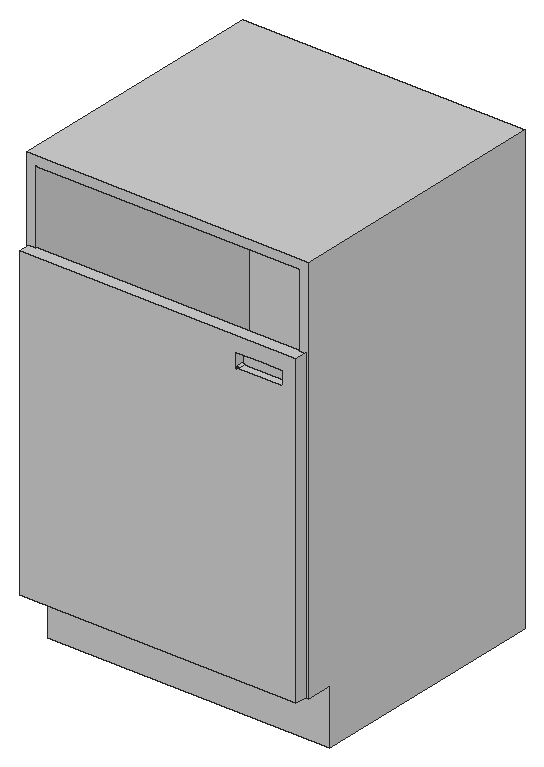
Revit family "WC37", category Specialty Equipment, Revit 2012
Parameters (values of type "Work Counter Unit Waste Unit (Default)")
  URL = "http://madixinc.com/store/pharmacy/counters.html"
  Model = "Work Counter"
  Manufacturer = "© 2012 Madix, Inc. All rights reserved."
Reference planes (in)
  plane 1 "Center (Front/Back)": y = 0
  plane 2: z = 0
  plane 3 "Center (Left/Right)": x = 0
  plane 4: x = -12
  plane 5: x = 12
  plane 6: y = 12
  plane 7: y = -12
  plane 8: z = 38
  plane 9: y = -11.875
  plane 10: x = 11.75
  plane 11: x = -11.75
  plane 12: x = -11.25
  plane 13: z = 37.25
Forms (in)
  Extrusion 1, solid, material "Metal - Steel"
    sketch origin (0, 0, 0) x (0, -1, 0) y (0, 0, -1)
      loop
        line (-12, 0) -> (-12, -38) -> (11, -38) -> (11, -4.75) -> (8.75, -4.75) -> (8.75, 0) -> (-12, 0)
    from -12 to -11.25
  Extrusion 2, solid, material "Metal - Steel"
    sketch origin (0, 0, 0) x (0, -1, 0) y (0, 0, 1)
      loop
        line (-12, 0) -> (8.75, 0) -> (8.75, 4.75) -> (11, 4.75) -> (11, 38) -> (-12, 38) -> (-12, 0)
    from -12 to -11.25
  Extrusion 3, solid, material "Metal - Steel"
    sketch origin (0, 0, 0) x (1, 0, 0) y (0, 1, 0)
      loop
        line (-11.25, 12) -> (-11.25, 11.75) -> (11.25, 11.75) -> (11.25, 12) -> (-11.25, 12)
    from 0 to 38
  Extrusion 4, solid, material "Metal - Steel"
    sketch origin (0, 0, 0) x (1, 0, 0) y (0, 1, 0)
      loop
        line (11.25, -11) -> (11.25, 11.75) -> (-11.25, 11.75) -> (-11.25, -11) -> (11.25, -11)
    from 37.25 to 38
  Extrusion 5, solid, material "Metal - Steel"
    sketch origin (0, 0, 0) x (0, 1, 0) y (0, 0, 1)
      loop
        line (-8.75, 0) -> (11.75, 0) -> (11.75, 5.5) -> (-11, 5.5) -> (-11, 4.75) -> (-8.75, 4.75) -> (-8.75, 0)
    from -11.25 to 11.25
  Extrusion 6, solid, material "Metal - Steel"
    sketch origin (0, 0, 0) x (1, 0, 0) y (0, 0, 1)
      loop
        line (-11.75, 31) -> (-11.75, 4.75) -> (11.75, 4.75) -> (11.75, 31) -> (-11.75, 31)
    from 11 to 11.25
  Extrusion 7, solid, material "Metal - Steel"
    sketch origin (0, 0, 0) x (1, 0, 0) y (0, 0, 1)
      loop
        line (-11.75, 31) -> (-11.75, 4.75) -> (11.75, 4.75) -> (11.75, 31) -> (-11.75, 31)
      loop
        arc (6.75, 30) -> (6.66161, 29.96339) -> (6.625, 29.875) r 0.125
        line (6.625, 29.875) -> (6.625, 28.625)
        arc (6.625, 28.625) -> (6.66161, 28.53661) -> (6.75, 28.5) r 0.125
        line (6.75, 28.5) -> (10.5, 28.5)
        arc (10.5, 28.5) -> (10.58839, 28.53661) -> (10.625, 28.625) r 0.125
        line (10.625, 28.625) -> (10.625, 29.875)
        arc (10.625, 29.875) -> (10.58839, 29.96339) -> (10.5, 30) r 0.125
        line (10.5, 30) -> (6.75, 30)
    from 11.25 to 11.875
  Extrusion 8, solid, material "Metal - Steel"
    sketch origin (0, 0, 0) x (1, 0, 0) y (0, 0, 1)
      loop
        line (-11.75, 31) -> (-11.75, 4.75) -> (11.75, 4.75) -> (11.75, 31) -> (-11.75, 31)
      loop
        line (8.625, 29.75) -> (6.75, 29.75)
        arc (6.75, 29.75) -> (6.66161, 29.71339) -> (6.625, 29.625) r 0.125
        line (6.625, 29.625) -> (6.625, 28.625)
        arc (6.625, 28.625) -> (6.66161, 28.53661) -> (6.75, 28.5) r 0.125
        line (6.75, 28.5) -> (8.625, 28.5) -> (10.5, 28.5)
        arc (10.5, 28.5) -> (10.58839, 28.53661) -> (10.625, 28.625) r 0.125
        line (10.625, 28.625) -> (10.625, 29.625)
        arc (10.625, 29.625) -> (10.58839, 29.71339) -> (10.5, 29.75) r 0.125
        line (10.5, 29.75) -> (8.625, 29.75)
    from 11.875 to 12
Cuts and joins
  joined: Extrusion 1, Extrusion 2, Extrusion 3, Extrusion 4, Extrusion 5
  joined: Extrusion 6, Extrusion 7, Extrusion 8
Dimensions and locks (in)
  aligned and locked: level to plane 2
